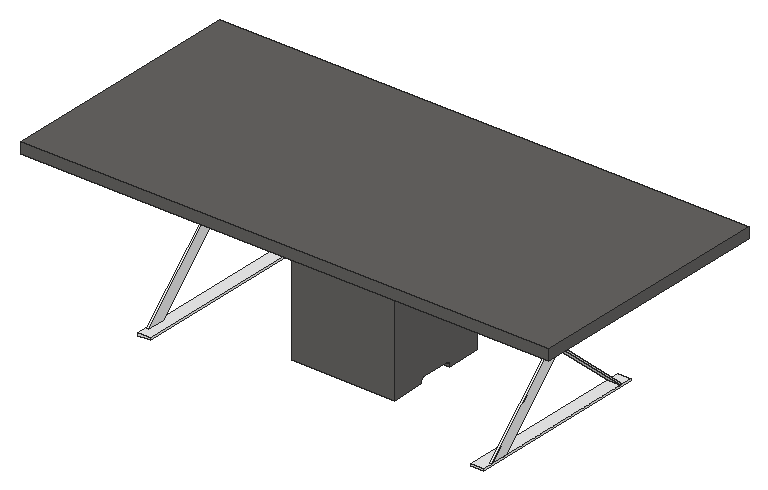
Revit family "Table-Conference-Teknion-ZXST_X_Leg-R2011", category Furniture, Revit 2013
Parameters (values of type "(See Type Catalog)")
  Width = 102"
  Warranty = "http://www.teknionstudio.com/pdfs/Teknion%20Studio%20Warranty.pdf"
  Unit Weight = 0.00 lbf
  URL = "www.teknionstudio.com"
  Table Top Finish [instance] = Veneer - Teknion - P7 - Grey Oak
  Series = "B&B Italia"
  Product Page URL = "http://www.teknionstudio.com/acexecutive/"
  Product Line = "AC Executive"
  Product Documentation Link = "http://www.teknionstudio.com/pricing/ac_executive_ppg.pdf"
  Part Number = "ZXST"
  Model = ""
  Manufacturer Phone = "919-464-2920"
  Manufacturer Fax = "919-464-2927"
  Manufacturer Email = "customersupport@teknionstudio.com"
  Manufacturer Address = "3941 US 70 Business HWY West, Clayton, NC 27520"
  Manufacturer = "Teknion Studio"  # constant formula
  Low Emitting Material = yes
  Low Emitting Finish = yes
  Height = 30"  # constant formula
  Frame Finish = Metal - Teknion - C6 - Chrome
  Description = ""
  Depth = 48"
  Assembly Code = "E2020200"
Reference planes (in)
  plane 1 "Center F/B": y = 0
  plane 2: z = 0
  plane 3 "Center L/R": x = 0
  plane 4 "Left": x = -51
  plane 5 "Right": x = 51
  plane 6 "Back": y = 24
  plane 7 "Front": y = -24
  plane 8 "Top": z = 30
  plane 9: z = 27.9528
  plane 10: y = 17.71654
  plane 11: y = -17.71654
  plane 12: x = -33.2755
  plane 13: x = 33.27548
Forms (in)
  Sweep 1, solid, material "Veneer - Teknion - P7 - Grey Oak" <- "Table Top Finish"
    path origin (0, 0, 15.40683) x (-1, 0, 0) y (0, -1, 0)
      loop
        line (-51, 0) -> (51, 0)
    profile origin (0, 0, 15.40683) x (0, -1, 0) y (0, 0, 1)
      loop
        line (-24, 14.59317) -> (-24, 12.54597) -> (24, 12.54597) -> (24, 14.59317) -> (-24, 14.59317)
  Sweep 2, solid, material "Metal - Teknion - C6 - Chrome" <- "Frame Finish"
    path origin (0, 0, 30) x (-1, 0, 0) y (0, -1, 0)
      loop
        line (0, -17.71654) -> (0, 17.71654)
    profile origin (0, 0, 30) x (1, 0, 0) y (0, 0, 1)
      loop
        line (-33.2755, -2.0472) -> (-33.2755, -2.4409) -> (-30.9133, -2.4409) -> (-30.9133, -2.0472) -> (-33.2755, -2.0472)
      loop
        line (33.27548, -2.0472) -> (30.91328, -2.0472) -> (30.91328, -2.4409) -> (33.27548, -2.4409) -> (33.27548, -2.0472)
      loop
        line (33.27548, -29.6063) -> (30.91328, -29.6063) -> (30.91328, -30) -> (33.27548, -30) -> (33.27548, -29.6063)
      loop
        line (-33.2755, -29.6063) -> (-33.2755, -30) -> (-30.9133, -30) -> (-30.9133, -29.6063) -> (-33.2755, -29.6063)
  Sweep 3, solid, material "Metal - Teknion - C6 - Chrome" <- "Frame Finish"
    path origin (0, 0, 0) x (1, 0, 0) y (0, 0, 1)
      loop
        line (-33.2755, 0) -> (-32.8818, 0)
    profile origin (-33.07865, 0, 0) x (0, 0, 1) y (0, -1, 0)
      loop
        line (27.5591, -12.34961) -> (0.3937, 15.74803) -> (0.3937, 12.34957) -> (27.5591, -15.74808) -> (27.5591, -12.34961)
  Sweep 4, solid, material "Metal - Teknion - C6 - Chrome" <- "Frame Finish"
    path origin (79.6063, 0, 0) x (1, 0, 0) y (0, 0, 1)
      loop
        line (-46.72452, 0) -> (-46.33082, 0)
    profile origin (33.07863, 0, 0) x (0, 0, 1) y (0, -1, 0)
      loop
        line (27.5591, -15.74808) -> (27.5591, -12.34961) -> (0.3937, 15.74803) -> (0.3937, 12.34957) -> (27.5591, -15.74808)
  Sweep 5, solid, material "Metal - Teknion - C6 - Chrome" <- "Frame Finish"
    path origin (0, 0, 0) x (1, 0, 0) y (0, 0, 1)
      loop
        line (-30.9133, 0) -> (-33.2755, 0)
    profile origin (-32.0944, 0, 0) x (0, 0, -1) y (0, -1, 0)
      loop
        line (-27.55915, 15.74814) -> (-27.55915, 15.15186) -> (-0.39369, -15.74804) -> (-0.39369, -15.15176) -> (-27.55915, 15.74814)
  Sweep 6, solid, material "Metal - Teknion - C6 - Chrome" <- "Frame Finish"
    path origin (0, 0, 0) x (-1, 0, 0) y (0, 0, 1)
      loop
        line (-30.91328, 0) -> (-33.27548, 0)
    profile origin (32.09438, 0, 0) x (0, 0, 1) y (0, -1, 0)
      loop
        line (27.55915, 15.15186) -> (27.55915, 15.74814) -> (0.39369, -15.15176) -> (0.39369, -15.74804) -> (27.55915, 15.15186)
  Sweep 7, solid, material "Metal - Teknion - C6 - Chrome" <- "Frame Finish"
    path origin (0, 0, 30) x (-1, 0, 0) y (0, -1, 0)
      loop
        line (33.2755, 0) -> (-33.27548, 0)
    profile origin (-0.00001, 0, 30) x (0, 1, 0) y (0, 0, 1)
      loop
        line (11.60094, -5.90283) -> (9.88694, -7.55995) -> (10.17452, -7.82954) -> (11.87278, -6.18762) -> (11.60094, -5.90283)
      loop
        line (-11.67496, -5.49755) -> (-11.9349, -5.79323) -> (-10.16085, -7.35288) -> (-9.9009, -7.0572) -> (-11.67496, -5.49755)
  Sweep 8, solid, material "Veneer - Teknion - P7 - Grey Oak" <- "Table Top Finish"
    path origin (0, 0, 30) x (-1, 0, 0) y (0, -1, 0)
      loop
        line (9.862, 0) -> (-9.862, 0)
    profile origin (0, 0, 30) x (0, 1, 0) y (0, 0, 1)
      loop
        line (-9.862, -2.0472) -> (-9.862, -29.49924) -> (-3.431, -29.49924) -> (-3.431, -28.99924)
        arc (-3.431, -28.99924) -> (-3.28455, -28.64569) -> (-2.931, -28.49924) r 0.5
        line (-2.931, -28.49924) -> (2.931, -28.49924)
        arc (2.931, -28.49924) -> (3.28455, -28.64569) -> (3.431, -28.99924) r 0.5
        line (3.431, -28.99924) -> (3.431, -29.49924) -> (9.862, -29.49924) -> (9.862, -2.0472) -> (6.862, -2.0472) -> (6.862, -3.54724)
        arc (6.862, -3.54724) -> (6.71555, -3.9008) -> (6.362, -4.04724) r 0.5
        line (6.362, -4.04724) -> (-6.362, -4.04724)
        arc (-6.362, -4.04724) -> (-6.71555, -3.9008) -> (-6.862, -3.54724) r 0.5
        line (-6.862, -3.54724) -> (-6.862, -2.0472) -> (-9.862, -2.0472)
      loop
        arc (-2.931, -8.60376) -> (-3.28455, -8.7502) -> (-3.431, -9.10376) r 0.5
        line (-3.431, -9.10376) -> (-3.431, -10.10376)
        arc (-3.431, -10.10376) -> (-3.28455, -10.45731) -> (-2.931, -10.60376) r 0.5
        line (-2.931, -10.60376) -> (2.931, -10.60376)
        arc (2.931, -10.60376) -> (3.28455, -10.45731) -> (3.431, -10.10376) r 0.5
        line (3.431, -10.10376) -> (3.431, -9.10376)
        arc (3.431, -9.10376) -> (3.28455, -8.7502) -> (2.931, -8.60376) r 0.5
        line (2.931, -8.60376) -> (-2.931, -8.60376)
  Sweep 9, solid, material "Metal - Teknion - C6 - Chrome" <- "Frame Finish"
    path origin (0, 0, 0) x (1, 0, 0) y (0, 0, 1)
      loop
        line (0, 0) -> (0, 0.50076)
    profile origin (0, 0, 0.25038) x (-1, 0, 0) y (0, -1, 0)
      loop
        circle (6.862, -6.862) r 1
      loop
        circle (-6.862, -6.862) r 1
      loop
        circle (-6.862, 6.862) r 1
      loop
        circle (6.862, 6.862) r 1
Cuts and joins
  joined: Sweep 3, Sweep 4, Sweep 5, Sweep 6, Sweep 7
Lines and regions (in)
  Masking region 1
    outline origin (0, 0, 30) x (-1, 0, 0) y (0, -1, 0)
      loop
        line (51, -24) -> (51, 24) -> (-51, 24) -> (-51, -24) -> (51, -24)
  symbolic lines, style "FurnitureHiddenLines", detail levels medium+fine
    curve 1: line (-33.2755, 17.71654, 30) -> (-30.9133, 17.71654, 30)
    curve 2: line (-30.9133, 17.71654, 30) -> (-30.9133, -17.71654, 30)
    curve 3: line (-30.9133, -17.71654, 30) -> (-33.2755, -17.71654, 30)
    curve 4: line (33.27548, 17.71654, 30) -> (30.91328, 17.71654, 30)
    curve 5: line (30.91328, 17.71654, 30) -> (30.91328, -17.71654, 30)
    curve 6: line (30.91328, -17.71654, 30) -> (33.27548, -17.71654, 30)
    curve 7: line (-33.2755, 17.71654, 30) -> (-33.2755, -17.71654, 30)
    curve 8: line (33.27548, 17.71654, 30) -> (33.27548, -17.71654, 30)
  symbolic lines, style "FurnitureHiddenLines", detail levels fine
    curve 9: line (-9.862, 9.88694, 30) -> (9.862, 9.88694, 30)
    curve 10: line (-9.862, -9.9009, 30) -> (-9.862, 9.88694, 30)
    curve 11: line (9.862, -9.9009, 30) -> (-9.862, -9.9009, 30)
    curve 12: line (9.862, 9.88694, 30) -> (9.862, -9.9009, 30)
Dimensions and locks (in)
  "Height": plane 8 "Top" to plane 2
  equal spacing: plane 4 "Left", plane 3 "Center L/R", plane 5 "Right"
  "Width": plane 4 "Left" to plane 5 "Right"
  equal spacing: plane 6 "Back", plane 1 "Center F/B", plane 7 "Front"
  "Depth": plane 6 "Back" to plane 7 "Front"
  locked: plane 8 "Top" to plane 9 at 2.0472
  locked: plane 9 to Sweep 2 sketch curve at 0.3937  (x2)
  locked: Sweep 2 sketch curve to plane 13 at 2.3622  (x2)
  locked: Sweep 2 sketch curve to plane 2 at 0.3937  (x2)
  locked: plane 1 "Center F/B" to plane 10 at 17.71654
  equal spacing: plane 10, plane 1 "Center F/B", plane 11
  locked: Sweep 3 sketch curve to plane 12 at 0.3937
  locked: plane 9 to Sweep 3 sketch curve at 0.3937
  locked: Sweep 3 sketch curve to plane 2 at 0.3937
  Sweep 3 sketch curve to plane 1 "Center F/B" to Sweep 3 sketch curve = 15.74808" locked, 15.74803" locked
  locked: plane 13 to Sweep 4 sketch curve at 0.3937
  locked: plane 9 to Sweep 4 sketch curve at 0.3937
  locked: Sweep 4 sketch curve to plane 2 at 0.3937
  Sweep 4 sketch curve to plane 1 "Center F/B" to Sweep 4 sketch curve = 15.74808" locked, 15.74803" locked
  locked: Sweep 5 sketch curve to plane 12 at 2.3622
  locked: plane 9 to Sweep 5 sketch curve at 0.39365
  locked: Sweep 5 sketch curve to plane 2 at 0.39369
  Sweep 5 sketch curve to plane 1 "Center F/B" to Sweep 5 sketch curve = 15.74804" locked, 15.74814" locked
  locked: plane 13 to Sweep 6 sketch curve at 2.3622
  locked: plane 9 to Sweep 6 sketch curve at 0.39365
  locked: Sweep 6 sketch curve to plane 2 at 0.39369
  Sweep 6 sketch curve to plane 1 "Center F/B" to Sweep 6 sketch curve = 15.74804" locked, 15.74814" locked
  plane 8 "Top" to Sweep 7 sketch curve to Sweep 7 sketch curve = 5.90283" locked, 1.92671" locked
  locked: plane 12 to curve 2 at 2.3622
  locked: curve 5 to plane 13 at 2.3622
  locked: plane 13 to plane 5 "Right" at 17.72452
  locked: plane 4 "Left" to plane 12 at 17.7245
  locked: Sweep 2 sketch curve to plane 12 at 2.3622  (x2)
  locked: Sweep 6 sketch curve to Sweep 6 sketch curve at 0.3937
  locked: Sweep 4 sketch curve to Sweep 4 sketch curve at 2.3622
  locked: Sweep 3 sketch curve to Sweep 3 sketch curve at 2.3622
  Sweep 7 sketch curve to Sweep 7 sketch curve to plane 10 = 1.98584" locked, 5 27/32" locked
  locked: Sweep 7 sketch curve to Sweep 7 sketch curve at 0.3937  (x2)
  plane 11 to Sweep 7 sketch curve to Sweep 7 sketch curve = 6.04158" locked, 1.77406" locked
  plane 8 "Top" to Sweep 7 sketch curve to Sweep 7 sketch curve = 5.79323" locked, 1.55965" locked
  Sweep 8 sketch curve to plane 3 "Center L/R" to Sweep 8 sketch curve = 9.862" locked, 9.862" locked
  plane 9 to Sweep 8 sketch curve to Sweep 8 sketch curve to Sweep 8 sketch curve to Sweep 8 sketch curve to Sweep 8 sketch curve = 2.00004" locked, 4.55651" locked, 2" locked, 17.89549" locked, 1" locked
  Sweep 8 sketch curve to plane 1 "Center F/B" to Sweep 8 sketch curve = 9.862" locked, 9.862" locked
  Sweep 8 sketch curve to plane 1 "Center F/B" to Sweep 8 sketch curve = 3.431" locked, 3.431" locked  (x2)
  Sweep 8 sketch curve to plane 1 "Center F/B" to Sweep 8 sketch curve = 6.862" locked, 6.862" locked
  locked: Sweep 9 sketch curve to plane 2 at 0.50076
  Sweep 9 sketch curve to plane 3 "Center L/R" to Sweep 9 sketch curve = 6.862" locked, 6.862" locked  (x2)
  Sweep 9 sketch curve to plane 1 "Center F/B" to Sweep 9 sketch curve = 6.862" locked, 6.862" locked  (x2)
  curve 10 to plane 3 "Center L/R" to curve 12 = 9.862" locked, 9.862" locked
  curve 11 to plane 1 "Center F/B" to curve 9 = 9.9009" locked, 9.88694" locked
  aligned and locked: level to plane 2
  aligned and locked: Sweep 1 sketch curve to plane 1 "Center F/B"
  aligned and locked: plane 4 "Left" to Sweep 1 sketch curve
  aligned and locked: plane 5 "Right" to Sweep 1 sketch curve
  aligned and locked: Sweep 1 sketch curve to plane 9
  aligned and locked: Sweep 1 sketch curve to plane 8 "Top"
  aligned and locked: Sweep 1 sketch curve to plane 7 "Front"
  aligned and locked: Sweep 1 sketch curve to plane 6 "Back"
  aligned and locked: Sweep 2 sketch curve to plane 3 "Center L/R"
  aligned and locked: plane 10 to Sweep 2 sketch curve
  aligned and locked: plane 11 to Sweep 2 sketch curve
  aligned and locked: Sweep 2 sketch curve to plane 9  (x2)
  aligned and locked: Sweep 2 sketch curve to plane 2
  aligned and locked: plane 2 to Sweep 2 sketch curve
  aligned and locked: Sweep 3 sketch curve to plane 2
  aligned and locked: Sweep 4 sketch curve to plane 2
  aligned and locked: plane 2 to Sweep 5 sketch curve
  aligned and locked: Sweep 6 sketch curve to plane 2
  aligned and locked: plane 1 "Center F/B" to Sweep 7 sketch curve
  aligned and locked: Masking region 1 sketch curve to plane 6 "Back"
  aligned and locked: Masking region 1 sketch curve to plane 7 "Front"
  aligned and locked: Masking region 1 sketch curve to plane 5 "Right"
  aligned and locked: Masking region 1 sketch curve to plane 4 "Left"
  aligned and locked: plane 11 to curve 3
  aligned and locked: curve 1 to plane 10
  aligned and locked: curve 6 to plane 11
  aligned and locked: plane 12 to Sweep 2 sketch curve  (x2)
  aligned and locked: plane 13 to Sweep 2 sketch curve  (x2)
  aligned and locked: plane 13 to Sweep 4 sketch curve
  aligned and locked: plane 12 to Sweep 3 sketch curve
  aligned and locked: plane 12 to Sweep 5 sketch curve
  aligned and locked: plane 13 to Sweep 6 sketch curve
  aligned and locked: plane 13 to Sweep 7 sketch curve
  aligned and locked: plane 12 to Sweep 7 sketch curve
  aligned and locked: plane 1 "Center F/B" to Sweep 8 sketch curve
  aligned and locked: Sweep 8 sketch curve to plane 9  (x2)
  aligned and locked: plane 2 to Sweep 9 sketch curve
  aligned and locked: plane 3 "Center L/R" to Sweep 9 sketch curve
  aligned and locked: curve 7 to plane 12
  aligned and locked: plane 11 to curve 7
  aligned and locked: curve 8 to plane 13
  aligned and locked: plane 10 to curve 8
  aligned and locked: plane 11 to curve 8
Automatic sketch dimensions
  Sweep 5 sketch curve to Sweep 5 sketch curve = 0.59628"  (x2)
  Sweep 7 sketch curve to Sweep 7 sketch curve = 0.28757"
  Sweep 7 sketch curve to Sweep 7 sketch curve = 0.26959"
  Sweep 4 sketch curve to plane 13 = 0"
  Sweep 3 sketch curve to plane 12 = 0"
  Sweep 5 sketch curve to plane 12 = 0"
  Sweep 6 sketch curve to plane 13 = 0"
  Sweep 8 sketch curve to Sweep 8 sketch curve = 1/2"  (x8)
  Sweep 8 sketch curve to Sweep 8 sketch curve = 0"
  radius of Sweep 9 sketch curve = 1"  (x4)
